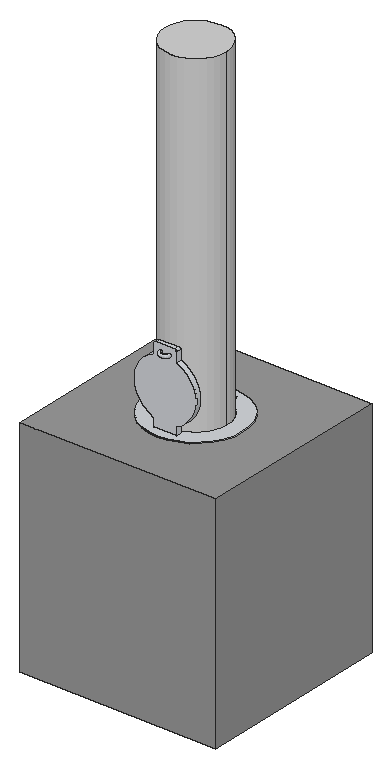
Revit family "Bollard-1_800_Bollards-Padlock_Removable-CS3", category Site, Revit 2017
Family settings
  Round Connector Dimension = Use Diameter
  Part Type = Normal
  OmniClass Number = 23.15.10.11.21
  OmniClass Title = Traffic Safety Barriers and Protections
  Work Plane-Based = No
  Always vertical = Yes
  Cut with Voids When Loaded = No
  Shared = No
Parameters (values of type "6 in")
  URL = "https://1800bollards.com/"
  Type Comments = if([4 in Bollard], "4 in Nominal Diameter", if([5 in Bollard], "5 in Nominal Diameter", if([6 in Bollard], "6 in Nominal Diameter", if([8 in Bollard], "8 in Nominal Diameter", if([10 in Bollard], "10 in Nominal Diameter", if([12 in Bollard], "12 in Nominal Diameter", "3 in Nominal Diameter"))))))  # "6 in Nominal Diameter"
  Thickness = if([4 in Bollard], 0' 4 1/2", if([5 in Bollard], 0' 5 143/256", if([6 in Bollard], 0' 6 159/256", if([8 in Bollard], 0' 8 159/256", if([10 in Bollard], 0' 10 3/4", if([12 in Bollard], 1' 0 3/4", 0' 3 1/2"))))))  # 0' - 6 159/256"
  Stainless Steel = not(Carbon Steel)  # yes
  Sloped Offset [instance] = if(Sloped, 0' 0", Thickness)  # 0' - 6 159/256"
  Sloped [instance] = no
  Reveal Offset [instance] = if(Reveal, 0' 2 179/256", 0' 0")  # 0' - 0"
  Reveal [instance] = no
  Rebar by others = yes
  Product Page URL = "https://1800bollards.com/product-category/removable-bollards/"
  Product Name = "Removable Bollards"  # constant formula
  Product Documentation Link = "https://microsite.caddetails.com/main/company/viewproduct?productID=19706&companyID=5046&isFeatured=False&microsite=1&currentTab=Product"
  Model = "Padlock Removable Bollard"  # constant formula
  Manufacturer = "1-800-BOLLARDS"  # constant formula
  Height Below Grade = if(or([10 in Bollard], [12 in Bollard]), 1' 3", 1' 0")  # 1' - 0"
  Height = 3' - 0"  # constant formula
  Foundation Width = if([12 in Bollard], 2' 6", 1' 9")  # 1' - 9"
  Foundation Depth = if([12 in Bollard], 2' 6", 2' 0")  # 2' - 0"
  Flat [instance] = not(or(or(Dome, Reveal, Sloped)))  # yes
  Finish = Metal-1_800_Bollards-Stainless_Steel
  Dome Offset [instance] = if(Dome, 0' 0", Dome Height + 0' 1")  # 0' - 2.91135"
  Dome Height = Bollard Radius * tan(30.00°)  # 0' - 1.91135"
  Dome [instance] = no
  Description = if(Carbon Steel, "Carbon Steel Padlock Removable Bollard", "Stainless Steel Padlock Removable Bollard")  # "Stainless Steel Padlock Removable Bollard"
  Concrete by others = yes
  Concrete Finish by others = Concrete, Lightweight
  Carbon Steel = no
  Bollard Radius = Thickness / 2  # 0' - 3.31055"
  Assembly Code = "G2020400"
  8 in Bollard = no
  6 in Bollard = yes
  5 in Bollard = no
  4 in Bollard = no
  3 in Bollard = not(or(or(or(or(or(or([4 in Bollard], [5 in Bollard], [6 in Bollard], [8 in Bollard], [10 in Bollard], [12 in Bollard])))))))  # no
  12 in Bollard = no
  10 in Bollard = no
Types (8): name | Type Comments | Thickness | Sloped Offset | Height Below Grade | Foundation Width | Foundation Depth | Dome Offset | Dome Height | Bollard Radius | Assembly Code | 8 in Bollard | 6 in Bollard | 5 in Bollard | 4 in Bollard | 3 in Bollard | 12 in Bollard | 10 in Bollard
  (no name) | "6 in Nominal Diameter" | 0' - 6 159/256" | 0' - 6 159/256" | 1' - 0" | 1' - 9" | 2' - 0" | 0' - 2.91135" | 0' - 1.91135" | 0' - 3.31055" | "G2020400" | no | yes | no | no | no | no | no
  3 in | "3 in Nominal Diameter" | 0' - 3 1/2" | 0' - 3 1/2" | 1' - 0" | 1' - 9" | 2' - 0" | 0' - 2.01036" | 0' - 1.01036" | 0' - 1 3/4" | "G2010400" | no | no | no | no | yes | no | no
  4 in | "4 in Nominal Diameter" | 0' - 4 1/2" | 0' - 4 1/2" | 1' - 0" | 1' - 9" | 2' - 0" | 0' - 2.29904" | 0' - 1.29904" | 0' - 2 1/4" | "G2010400" | no | no | no | yes | no | no | no
  5 in | "5 in Nominal Diameter" | 0' - 5 143/256" | 0' - 5 143/256" | 1' - 0" | 1' - 9" | 2' - 0" | 0' - 2.60463" | 0' - 1.60463" | 0' - 2.7793" | "G2010400" | no | no | yes | no | no | no | no
  6 in | "6 in Nominal Diameter" | 0' - 6 159/256" | 0' - 6 159/256" | 1' - 0" | 1' - 9" | 2' - 0" | 0' - 2.91135" | 0' - 1.91135" | 0' - 3.31055" | "G2020400" | no | yes | no | no | no | no | no
  8 in | "8 in Nominal Diameter" | 0' - 8 159/256" | 0' - 8 159/256" | 1' - 0" | 1' - 9" | 2' - 0" | 0' - 3.4887" | 0' - 2.4887" | 0' - 4.31055" | "G2040900" | yes | no | no | no | no | no | no
  10 in | "10 in Nominal Diameter" | 0' - 10 3/4" | 0' - 10 3/4" | 1' - 3" | 1' - 9" | 2' - 0" | 0' - 4.10326" | 0' - 3.10326" | 0' - 5 3/8" | "G2010400" | no | no | no | no | no | no | yes
  12 in | "12 in Nominal Diameter" | 1' - 0 3/4" | 1' - 0 3/4" | 1' - 3" | 2' - 6" | 2' - 6" | 0' - 4.68061" | 0' - 3.68061" | 0' - 6 3/8" | "G2010400" | no | no | no | no | no | yes | no
Reference planes (in)
  plane 1 "Center (Front/Back)": y = 0
  plane 2: z = 0
  plane 3 "Center (Left/Right)": x = 0
  plane 4 "Top": z = 36
  plane 5 "Bottom": z = -12
  plane 6 "Right": x = 3.31055
  plane 7 "Left": x = -3.31055
  plane 8 "Back": y = 3.31055
  plane 9 "Front": y = -3.31055
Forms (in)
  Extrusion 1, solid, material "Metal-1_800_Bollards-Stainless_Steel" <- "Finish", detail levels medium+fine
    sketch origin (0, 0, 0) x (1, 0, 0) y (0, 1, 0)
      loop
        circle (0, 0) r 3.31055
    from -12 to 36
  Extrusion 2, solid, material "Metal-1_800_Bollards-Stainless_Steel" <- "Finish", detail levels coarse
    sketch origin (0, 0, 0) x (1, 0, 0) y (0, 1, 0)
      loop
        line (-3.31055, 3.31055) -> (-3.31055, -3.31055) -> (3.31055, -3.31055) -> (3.31055, 3.31055) -> (-3.31055, 3.31055)
    from -12 to 36
  Extrusion 3, void
    sketch origin (0, 0, 0) x (0, 1, 0) y (0, 0, 1)
      loop
        line (-3.31055, 42.62109) -> (3.31055, 37.98495) -> (3.31055, 42.62109) -> (-3.31055, 42.62109)
    from -3.31055 to 3.31055
  Revolve 4, void
    sketch origin (0, 0, 0.125) x (1, 0, 0) y (0, 0, 1)
      loop
        line (3.1567, 37.125) -> (3.1567, 35.875) -> (3.31055, 35.875) -> (3.31055, 37.125) -> (3.1567, 37.125)
      axis (0, 35.875) -> (0, 37.125)
    angle from 0 to 360
  Revolve 5, void
    sketch origin (0, 0, 0) x (1, 0, 0) y (0, 0, 1)
      loop
        line (3.31055, 37) -> (3.31055, 38.91135) -> (0, 38.91135)
        arc (0, 38.91135) -> (1.91135, 38.3992) -> (3.31055, 37) r 3.82269
      axis (0, 38.91135) -> (0, 37)
    angle from 0 to 360
  Extrusion 6, solid, material "Concrete, Lightweight" <- "Concrete Finish by others", visible <- "Concrete by others"
    sketch origin (0, 0, 0) x (1, 0, 0) y (0, 1, 0)
      loop
        line (-10.5, 10.5) -> (-10.5, -10.5) -> (10.5, -10.5) -> (10.5, 10.5) -> (-10.5, 10.5)
    from -24 to 0
Cuts and joins
  Extrusion 3, Revolve 4, Revolve 5 cuts Extrusion 1
Dimensions and locks (in)
  "Height": plane 4 "Top" to level
  "Height Below Grade": level to plane 5 "Bottom"
  "Thickness": plane 7 "Left" to plane 6 "Right"
  "Thickness": plane 9 "Front" to plane 8 "Back"
  equal spacing: plane 9 "Front", plane 1 "Center (Front/Back)", plane 8 "Back"
  equal spacing: plane 7 "Left", plane 3 "Center (Left/Right)", plane 6 "Right"
  "Sloped Offset": Extrusion 3 sketch curve to plane 4 "Top"
  plane 6 "Right" to Revolve 4 sketch curve to Revolve 4 sketch curve = 0' - 0" locked, 0' - 0.15385" locked
  "Reveal Offset": plane 4 "Top" to Revolve 4 sketch curve
  locked: Revolve 4 sketch curve to Revolve 4 sketch curve at 1.25
  "Dome Offset": Revolve 5 sketch curve to plane 4 "Top"
  "Dome Height": Revolve 5 sketch curve to Revolve 5 sketch curve
  equal spacing: Extrusion 6 sketch curve, plane 3 "Center (Left/Right)", Extrusion 6 sketch curve
  equal spacing: Extrusion 6 sketch curve, plane 1 "Center (Front/Back)", Extrusion 6 sketch curve
  "Foundation Width": Extrusion 6 sketch curve to Extrusion 6 sketch curve  (x2)
  "Foundation Depth": level to Extrusion 6
  locked: plane 1 "Center (Front/Back)" to Extrusion 1 sketch curve at 0
  locked: plane 3 "Center (Left/Right)" to Extrusion 1 sketch curve at 0
  "Bollard Radius": radius of Extrusion 1 sketch curve
  locked: Extrusion 3 sketch curve to plane 4 "Top" (angle 35.00°)
  aligned and locked: plane 2 to level
  aligned and locked: plane 4 "Top" to Extrusion 1
  aligned and locked: plane 8 "Back" to Extrusion 2 sketch curve
  aligned and locked: plane 7 "Left" to Extrusion 2 sketch curve
  aligned and locked: Extrusion 2 sketch curve to plane 9 "Front"
  aligned and locked: Extrusion 2 sketch curve to plane 6 "Right"
  aligned and locked: plane 4 "Top" to Extrusion 2
  aligned and locked: Revolve 4 sketch curve to plane 3 "Center (Left/Right)"
  aligned and locked: plane 6 "Right" to Revolve 5 sketch curve
  aligned and locked: plane 3 "Center (Left/Right)" to Revolve 5 sketch curve
  aligned and locked: plane 5 "Bottom" to Extrusion 1
  aligned and locked: nested 2 to plane 3 "Center (Left/Right)"
  aligned and locked: nested 2 to level
  aligned and locked: nested 1 to plane 1 "Center (Front/Back)"
  aligned and locked: nested 1 to level
  aligned and locked: plane 6 "Right" to Extrusion 3
  aligned and locked: Extrusion 3 to plane 7 "Left"
  aligned and locked: Extrusion 3 sketch curve to plane 8 "Back"
  aligned and locked: plane 9 "Front" to Extrusion 3 sketch curve
  aligned and locked: plane 5 "Bottom" to Extrusion 2
  aligned and locked: level to Extrusion 6
  aligned and locked: nested 3 to plane 1 "Center (Front/Back)"
  aligned and locked: plane 3 "Center (Left/Right)" to nested 3
  aligned and locked: nested 3 to level
Automatic sketch dimensions
  Revolve 4 sketch curve to plane 4 "Top" = 0' - 0.67477"
  Revolve 4 sketch curve to Revolve 4 sketch curve = 0' - 0.45023"
  Revolve 5 sketch curve to plane 3 "Center (Left/Right)" = 0' - 0"
  Revolve 5 sketch curve to Revolve 5 sketch curve = 0' - 0.90788"
  Revolve 5 sketch curve to Revolve 5 sketch curve = 0' - 0 5/8"
Nested families (in)
  nested 1: "Nested-1_800_Bollards-Removable-Mounting_Detail" at (0, 0, 0) x (0, 1, 0) z (1, 0, 0), type "Mounting Detail Side View"
  nested 2: "Nested-1_800_Bollards-Removable-Mounting_Detail" at (0, 0, 0) x (1, 0, 0) z (0, -1, 0), type "Mounting Detail Front View"
  nested 3: "Nested-1-800-Bollards-Cover" at (0, -3.56836, 0) x (0, 1, 0) z (0, 0, 1), type "Cover"
Definition of nested family "Nested-1-800-Bollards-Cover"
  Parameters (values of type "Cover")
    URL = "https://1800bollards.com/"
    Type Comments = "For use with 1-800-Bollards Models Only"  # constant formula
    Padlock = yes
    Model = "Cover"  # constant formula
    Manufacturer = "1-800-Bollards"  # constant formula
    Finish = none
    Description = "Removable Hole Cover"  # constant formula
    Bollard Radius = 0' - 3.31055"
    Bollard Insert = Bollard Radius + 0' 0 33/128"  # 0' - 3.56836"
    Bollard Cap Radius = Bollard Radius + 0' 1 215/256"  # 0' - 5.15039"
  Reference planes (in)
    plane 1 "Center (Front/Back)": y = 0
    plane 2: z = 0
    plane 3 "Center (Left/Right)": x = 0
    plane 4 "Insert": x = 3.56836
  Forms (in)
    Extrusion 1, solid, material <- "Finish", detail levels medium+fine
      sketch origin (6.51405, -0.00005, 0) x (0, 1, 0) y (0, 0, 1)
        loop
          arc (1.21383, 0.94738) -> (3.32048, 4.03127) -> (1.21383, 7.11515) r 3.31055
          line (1.21383, 7.11515) -> (1.21383, 8.08128)
          arc (1.21383, 8.08128) -> (1.14567, 8.24583) -> (0.98112, 8.31399) r 0.23271
          line (0.98112, 8.31399) -> (-0.98101, 8.31399)
          arc (-0.98101, 8.31399) -> (-1.14556, 8.24583) -> (-1.21372, 8.08128) r 0.23271
          line (-1.21372, 8.08128) -> (-1.21372, 7.11515)
          arc (-1.21372, 7.11515) -> (-3.32037, 4.03127) -> (-1.21372, 0.94738) r 3.31055
          line (-1.21372, 0.94738) -> (-1.21372, 0) -> (1.21383, 0) -> (1.21383, 0.94738)
      from -7.02854 to -6.51405
    Revolve 2, solid, material <- "Finish", visible <- "Padlock", detail levels fine
      sketch origin (-0.51449, -0.00207, -0.00238) x (0, 1, 0) y (0, 0, 1)
        loop
          arc (-0.47364, 7.6877) -> (-0.62902, 7.53232) -> (-0.47364, 7.37694) r 0.15538
          line (-0.47364, 7.37694) -> (-0.35666, 7.37694) -> (-0.35666, 7.6877) -> (-0.47364, 7.6877)
        axis (0, 7.6877) -> (0, 7.37694)
      angle from 0 to 180
    Extrusion 3, solid, material <- "Finish", detail levels coarse
      sketch origin (0, 0, 0) x (1, 0, 0) y (0, 1, 0)
        loop
          line (-1.57848, 5.15039) -> (-1.57848, -5.15039) -> (8.66717, -5.15039) -> (8.66717, 5.15039) -> (-1.57848, 5.15039)
        loop
          line (0.25781, 3.31055) -> (0.25781, -3.31055) -> (6.87891, -3.31055) -> (6.87891, 3.31055) -> (0.25781, 3.31055)
      from 0 to 0.09354
    Extrusion 4, solid, material <- "Finish", detail levels medium+fine
      sketch origin (0, 0, 0) x (1, 0, 0) y (0, 1, 0)
        loop
          circle (3.51678, 0) r 5.15039
        loop
          line (7.56679, 1.22365) -> (6.70382, 1.22365)
          arc (6.70382, 1.22365) -> (3.56836, 3.47184) -> (0.4329, 1.22365) r 3.31055
          line (0.4329, 1.22365) -> (-0.51449, 1.22365) -> (-0.51449, -1.2039) -> (0.42628, -1.2039)
          arc (0.42628, -1.2039) -> (3.56836, -3.47184) -> (6.71044, -1.2039) r 3.31055
          line (6.71044, -1.2039) -> (7.56679, -1.2039)
          arc (7.56679, -1.2039) -> (7.73135, -1.13574) -> (7.7995, -0.97119) r 0.23271
          line (7.7995, -0.97119) -> (7.7995, 0.99094)
          arc (7.7995, 0.99094) -> (7.73135, 1.15549) -> (7.56679, 1.22365) r 0.23271
      from 0 to 0.09354
  Dimensions and locks (in)
    Extrusion 1 sketch curve to Extrusion 1 sketch curve to Extrusion 1 sketch curve = 0' - 0" locked, 0' - 1.19884" locked
    Extrusion 1 sketch curve to Extrusion 1 sketch curve to Extrusion 1 sketch curve to level = 0' - 0" locked, 0' - 0.94738" locked, 0' - 0" locked
    Extrusion 1 sketch curve to Extrusion 1 sketch curve to plane 1 "Center (Front/Back)" to Extrusion 1 sketch curve to Extrusion 1 sketch curve = 0' - 0" locked, 0' - 1.21377" locked, 0' - 1.21377" locked, 0' - 0" locked
    Extrusion 1 to Extrusion 1 = 0' - 0.51449"
    plane 1 "Center (Front/Back)" to Revolve 2 sketch curve to Revolve 2 sketch curve = 0' - 0.35873" locked, 0' - 0.27236" locked
    Extrusion 1 to Revolve 2 sketch curve to Revolve 2 sketch curve = 0' - 0.62867" locked, 0' - 0.31076" locked
    Extrusion 4 sketch curve to Extrusion 4 sketch curve to plane 1 "Center (Front/Back)" to Extrusion 4 sketch curve to Extrusion 4 sketch curve = 0' - 0" locked, 0' - 1.2039" locked, 0' - 1.22365" locked, 0' - 0" locked
    Extrusion 4 sketch curve to plane 3 "Center (Left/Right)" to Extrusion 4 sketch curve = 0' - 0.51449" locked, 0' - 0.4329" locked
    "Bollard Cap Radius": plane 1 "Center (Front/Back)" to Extrusion 3 sketch curve  (x2)
    locked: Extrusion 3 sketch curve to Extrusion 4
    locked: Extrusion 3 sketch curve to plane 3 "Center (Left/Right)" at 1.57848
    Extrusion 4 sketch curve to Extrusion 4 sketch curve to Extrusion 4 sketch curve = 0' - 0.00662" locked, 0' - 1.08906" locked
    "Bollard Insert": plane 3 "Center (Left/Right)" to plane 4 "Insert"
    "Bollard Radius": Extrusion 3 sketch curve to plane 4 "Insert"
    "Bollard Radius": plane 4 "Insert" to Extrusion 3 sketch curve
    "Bollard Radius": plane 1 "Center (Front/Back)" to Extrusion 3 sketch curve
    "Bollard Radius": Extrusion 3 sketch curve to plane 1 "Center (Front/Back)"
    Extrusion 3 to Extrusion 4 to level = 0' - 0" locked, 0' - 0.09354" locked
    locked: Extrusion 1 to plane 3 "Center (Left/Right)" at 0.51449
    "Bollard Radius": radius of Extrusion 1 sketch curve  (x2)
    "Bollard Radius": radius of Extrusion 4 sketch curve
    "Bollard Cap Radius": radius of Extrusion 4 sketch curve
    aligned and locked: plane 2 to level
    aligned and locked: Extrusion 3 to level
    aligned and locked: Extrusion 4 to level
    aligned and locked: plane 3 "Center (Left/Right)" to Extrusion 1
  Automatic sketch dimensions
    Revolve 2 sketch curve to Extrusion 1 = 0' - 0.38736"
    Revolve 2 sketch curve to Revolve 2 sketch curve = 0' - 0.35666"
    Revolve 2 sketch curve to Revolve 2 sketch curve = 0' - 2.83349"
    Extrusion 1 sketch curve to Extrusion 1 sketch curve = 0' - 0.23271"  (x2)
    plane 1 "Center (Front/Back)" to Extrusion 1 sketch curve = 0' - 0.00987"
    plane 1 "Center (Front/Back)" to Extrusion 4 sketch curve = 0' - 0"
    Extrusion 4 sketch curve to plane 4 "Insert" = 0' - 0"  (x2)
    Extrusion 4 sketch curve to plane 4 "Insert" = 0' - 0.05158"
    Extrusion 4 sketch curve to Extrusion 4 sketch curve = 0' - 0.23271"  (x2)
    plane 1 "Center (Front/Back)" to Extrusion 4 sketch curve = 0' - 0.16129"
Definition of nested family "Nested-1_800_Bollards-Removable-Mounting_Detail"
  Parameters (values of type "Mounting Detail Front View")
    Width = 1' - 9"
    Warranty = ""
    URL = "https://1800bollards.com/"
    Type Comments = "for use with 1-800-Bollards Models only"  # constant formula
    Side View = no
    Side Rebar by others = and(Side View, Rebar by others)  # no
    Rebar by others = yes
    Product Page URL = ""
    Product Name = ""
    Product Documentation Link = ""
    Model = "Bollard Mounting Detail"  # constant formula
    Manufacturer = "1-800-BOLLARDS"  # constant formula
    Lid Height = Bollard Width + 0' 1 233/256"  # 0' - 10 17/32"
    Lid Depth = Bollard Width + 0' 8 9/128"  # 1' - 4 177/256"
    Front View = not(Side View)  # yes
    Front Rebar by others = and(Front View, Rebar by others)  # yes
    Description = "Padlock Bollard"  # constant formula
    Depth = 2' - 0"
    Concrete by others = yes
    Bollard Width = 0' - 8 159/256"
    Bollard Radius = Bollard Width / 2  # 0' - 4.31055"
    Bollard Depth = 1' - 0"
  Types (2): name | Side View | Side Rebar by others | Front View | Front Rebar by others
    Mounting Detail Front View | no | no | yes | yes
    Mounting Detail Side View | yes | yes | no | no
  Reference planes (in)
    plane 1 "Top": y = 0
    plane 2: z = 0
    plane 3 "Center (Left/Right)": x = 0
    plane 4 "Bottom": y = -24
    plane 5 "Left": x = -10.5
    plane 6 "Right": x = 10.5
  Lines and regions (in)
    Filled region 1, type "Concrete", in view "Ref. Level", visible <- "Concrete by others", detail levels medium+fine
      outline origin (0, 0, 0) x (1, 0, 0) y (0, 1, 0)
        loop
          line (-10.5, 0) -> (-10.5, -24) -> (10.5, -24) -> (10.5, 0) -> (-10.5, 0)
    Masking region 1, in view "Ref. Level", visible <- "Concrete by others", detail levels coarse
      outline origin (0, 0, 0) x (1, 0, 0) y (0, 1, 0)
        loop
          line (-10.5, 0) -> (-10.5, -24) -> (10.5, -24) -> (10.5, 0) -> (-10.5, 0)
    Masking region 2, in view "Ref. Level", visible <- "Front Rebar by others", detail levels fine
      outline origin (0, 0, 0) x (1, 0, 0) y (0, 1, 0)
        loop
          line (-7.5, -21.98574) -> (-7.5, -2) -> (-8, -2) -> (-8, -21.98574) -> (-7.5, -21.98574)
        loop
          line (7.5, -2) -> (7.5, -21.98574) -> (8, -21.98574) -> (8, -2) -> (7.5, -2)
    Masking region 3, in view "Ref. Level", visible <- "Front Rebar by others", detail levels fine
      outline origin (-10.5, -10.5, 0) x (-1, 0, 0) y (0, -1, 0)
        loop
          line (-19.5, -7.5) -> (-19.5, -8) -> (-1.5, -8) -> (-1.5, -7.5) -> (-19.5, -7.5)
        loop
          line (-1.5, 10.5) -> (-1.5, 11) -> (-19.5, 11) -> (-19.5, 10.5) -> (-1.5, 10.5)
    Masking region 4, in view "Ref. Level", visible <- "Front View", detail levels fine
      outline origin (41.63405, -6.88802, 0) x (1, 0, 0) y (0, 1, 0)
        loop
          line (-42.84777, 17.07956) -> (-42.84777, 16.11343)
          arc (-42.84777, 16.11343) -> (-45.95442, 11.97442) -> (-42.84777, 7.8354) r 4.31055
          line (-42.84777, 7.8354) -> (-42.84777, 6.88802) -> (-40.42022, 6.88802) -> (-40.42022, 7.8354)
          arc (-40.42022, 7.8354) -> (-37.31357, 11.97442) -> (-40.42022, 16.11343) r 4.31055
          line (-40.42022, 16.11343) -> (-40.42022, 17.07956)
          arc (-40.42022, 17.07956) -> (-40.48838, 17.24411) -> (-40.65293, 17.31227) r 0.23271
          line (-40.65293, 17.31227) -> (-42.61506, 17.31227)
          arc (-42.61506, 17.31227) -> (-42.77961, 17.24411) -> (-42.84777, 17.07956) r 0.23271
    Masking region 5, in view "Ref. Level", visible <- "Front View", detail levels fine
      outline origin (42.50143, -5.42558, 0) x (1, 0, 0) y (0, 1, 0)
        loop
          line (-50.84713, 5.10016) -> (-44.07028, 5.10016) -> (-44.07028, 4.15277) -> (-40.93258, 4.15277) -> (-40.93258, 5.10016) -> (-34.15573, 5.10016) -> (-34.15573, 5.42558) -> (-50.84713, 5.42558) -> (-50.84713, 5.10016)
    Masking region 6, in view "Ref. Level", visible <- "Side View", detail levels fine
      outline origin (18.69205, -3.74323, 0) x (1, 0, 0) y (0, 1, 0)
        loop
          line (-27.03775, 3.21883) -> (-25.35993, 3.21883) -> (-25.35993, 1.69217) -> (-23.88748, 1.69217) -> (-23.88748, 3.21883) -> (-10.34635, 3.21883) -> (-10.34635, 3.74323) -> (-27.03775, 3.74323) -> (-27.03775, 3.21883)
    Masking region 7, in view "Ref. Level", visible <- "Side Rebar by others", detail levels fine
      outline origin (0, 0, 0) x (1, 0, 0) y (0, 1, 0)
        loop
          line (-7.5, -5) -> (-7.5, -19)
          arc (-7.5, -19) -> (-6.91421, -20.41421) -> (-5.5, -21) r 2
          line (-5.5, -21) -> (5.5, -21)
          arc (5.5, -21) -> (6.91421, -20.41421) -> (7.5, -19) r 2
          line (7.5, -19) -> (7.5, -5)
          arc (7.5, -5) -> (6.91421, -3.58579) -> (5.5, -3) r 2
          line (5.5, -3) -> (-5.5, -3)
          arc (-5.5, -3) -> (-6.91421, -3.58579) -> (-7.5, -5) r 2
        loop
          line (-8, -5) -> (-8, -19)
          arc (-8, -19) -> (-7.26777, -20.76777) -> (-5.5, -21.5) r 2.5
          line (-5.5, -21.5) -> (5.5, -21.5)
          arc (5.5, -21.5) -> (7.26777, -20.76777) -> (8, -19) r 2.5
          line (8, -19) -> (8, -5)
          arc (8, -5) -> (7.26777, -3.23223) -> (5.5, -2.5) r 2.5
          line (5.5, -2.5) -> (-5.5, -2.5)
          arc (-5.5, -2.5) -> (-7.26777, -3.23223) -> (-8, -5) r 2.5
    Masking region 8, in view "Ref. Level", detail levels medium+fine
      outline origin (0.00005, 0, 0) x (1, 0, 0) y (0, 1, 0)
        loop
          line (-4.59185, 0) -> (-4.59185, -12) -> (4.59174, -12) -> (4.59174, 0) -> (-4.59185, 0)
    Masking region 9, in view "Ref. Level", visible <- "Front View", detail levels fine
      outline origin (41.63405, -6.88802, 0) x (1, 0, 0) y (0, 1, 0)
        loop
          line (-42.10769, 15.7488) -> (-42.10769, 14.49087) -> (-41.1603, 14.49087) -> (-41.1603, 15.7488) -> (-41.47128, 15.7488) -> (-41.47128, 16.28147) -> (-41.1603, 16.28147)
          arc (-41.1603, 16.28147) -> (-41.00492, 16.43685) -> (-41.1603, 16.59223) r 0.15538
          line (-41.1603, 16.59223) -> (-41.47128, 16.59223) -> (-41.47128, 16.84412)
          arc (-41.47128, 16.84412) -> (-41.634, 17.00683) -> (-41.79671, 16.84412) r 0.16271
          line (-41.79671, 16.84412) -> (-41.79671, 16.59223) -> (-42.10769, 16.59223)
          arc (-42.10769, 16.59223) -> (-42.26307, 16.43685) -> (-42.10769, 16.28147) r 0.15538
          line (-42.10769, 16.28147) -> (-41.79671, 16.28147) -> (-41.79671, 15.7488) -> (-42.10769, 15.7488)
    Masking region 10, in view "Ref. Level", visible <- "Side View", detail levels fine
      outline origin (-44.2741, 10.32985, 0) x (1, 0, 0) y (0, 1, 0)
        loop
          line (37.57777, -10.32985) -> (38.07637, -10.32985) -> (39.96356, 0.2014) -> (39.50007, 0.2014) -> (39.33838, -0.56447) -> (38.48323, -0.56447) -> (38.48323, -0.9158) -> (39.26476, -0.9158) -> (37.57777, -10.32985)
    detail lines, in view "Ref. Level", detail levels medium+fine
      curve 1: line (-4.31055, 0, 0) -> (-4.31055, -12, 0)
      curve 2: line (-4.31055, -12, 0) -> (4.31055, -12, 0)
      curve 3: line (4.31055, -12, 0) -> (4.31055, 0, 0)
  Dimensions and locks (in)
    "Depth": plane 4 "Bottom" to plane 1 "Top"
    "Width": plane 5 "Left" to plane 6 "Right"
    equal spacing: plane 5 "Left", plane 3 "Center (Left/Right)", plane 6 "Right"
    equal spacing: curve 1, plane 3 "Center (Left/Right)", curve 3
    "Bollard Width": curve 1 to curve 3
    "Bollard Depth": curve 2 to plane 1 "Top"
    plane 1 "Top" to Masking region 3 sketch curve to Masking region 3 sketch curve = 0' - 2 1/2" locked, 0' - 0 1/2" locked
    Masking region 3 sketch curve to Masking region 3 sketch curve to plane 4 "Bottom" = 0' - 0 1/2" locked, 0' - 2 1/2" locked
    plane 5 "Left" to Masking region 3 sketch curve to Masking region 3 sketch curve = 0' - 1 1/2" locked, 0' - 0" locked
    Masking region 3 sketch curve to Masking region 3 sketch curve to plane 6 "Right" = 0' - 0" locked, 0' - 1 1/2" locked
    plane 5 "Left" to Masking region 2 sketch curve to Masking region 2 sketch curve = 0' - 2 1/2" locked, 0' - 0 1/2" locked
    Masking region 2 sketch curve to Masking region 2 sketch curve to plane 6 "Right" = 0' - 0 1/2" locked, 0' - 2 1/2" locked
    Masking region 2 sketch curve to Masking region 2 sketch curve to plane 4 "Bottom" = 0' - 0" locked, 0' - 2.01426" locked
    Masking region 2 sketch curve to Masking region 2 sketch curve to plane 1 "Top" = 0' - 0" locked, 0' - 2" locked
    Masking region 6 sketch curve to Masking region 6 sketch curve to Masking region 6 sketch curve = 0' - 1.67782", 0' - 1.47245" locked
    Masking region 6 sketch curve to Masking region 6 sketch curve to Masking region 6 sketch curve to plane 1 "Top" to Masking region 6 sketch curve = 0' - 1.52666" locked, 0' - 0" locked, 0' - 0.5244" locked, 0' - 0" locked
    Masking region 4 sketch curve to Masking region 4 sketch curve to plane 3 "Center (Left/Right)" to Masking region 4 sketch curve to Masking region 4 sketch curve = 0' - 0" locked, 0' - 1.21372" locked, 0' - 1.21383" locked, 0' - 0" locked
    Masking region 4 sketch curve to plane 1 "Top" to Masking region 4 sketch curve to Masking region 4 sketch curve = 0' - 0" locked, 0' - 0.94738" locked, 0' - 0" locked
    Masking region 4 sketch curve to Masking region 4 sketch curve to Masking region 4 sketch curve = 0' - 1.19884" locked, 0' - 0" locked
    "Lid Depth": Masking region 5 sketch curve to Masking region 5 sketch curve
    Masking region 5 sketch curve to plane 3 "Center (Left/Right)" to Masking region 5 sketch curve = 0' - 1.56885" locked, 0' - 1.56885" locked
    Masking region 5 sketch curve to Masking region 5 sketch curve to plane 1 "Top" to Masking region 5 sketch curve = 0' - 0.94738" locked, 0' - 0.32542" locked, 0' - 0" locked
    "Lid Depth": Masking region 6 sketch curve to Masking region 6 sketch curve
    equal spacing: Masking region 6 sketch curve, plane 3 "Center (Left/Right)", Masking region 6 sketch curve
    equal spacing: Masking region 5 sketch curve, plane 3 "Center (Left/Right)", Masking region 5 sketch curve
    plane 5 "Left" to Masking region 7 sketch curve to Masking region 7 sketch curve = 0' - 2 1/2" locked, 0' - 0 1/2" locked
    Masking region 7 sketch curve to Masking region 7 sketch curve to plane 6 "Right" = 0' - 0 1/2" locked, 0' - 2 1/2" locked
    Masking region 7 sketch curve to Masking region 7 sketch curve to plane 4 "Bottom" = 0' - 0 1/2" locked, 0' - 2 1/2" locked
    Masking region 7 sketch curve to Masking region 7 sketch curve to plane 1 "Top" = 0' - 0 1/2" locked, 0' - 2 1/2" locked
    "Bollard Depth": plane 1 "Top" to Masking region 8 sketch curve
    locked: Masking region 8 sketch curve to curve 1 at 0.28125
    locked: curve 3 to Masking region 8 sketch curve at 0.28125
    Masking region 10 sketch curve to Masking region 10 sketch curve to Masking region 10 sketch curve = 0' - 0.4986" locked, 0' - 0.40686" locked
    Masking region 9 sketch curve to Masking region 9 sketch curve to Masking region 9 sketch curve to Masking region 9 sketch curve to Masking region 9 sketch curve to Masking region 9 sketch curve to Masking region 9 sketch curve to Masking region 9 sketch curve to Masking region 4 = 0' - 1.25793" locked, 0' - 0" locked, 0' - 0.53267" locked, 0' - 0" locked, 0' - 0.31076" locked, 0' - 0" locked, 0' - 0.4146" locked, 0' - 0.30544" locked
    Masking region 9 sketch curve to Masking region 9 sketch curve to Masking region 9 sketch curve to Masking region 9 sketch curve to plane 3 "Center (Left/Right)" to Masking region 9 sketch curve to Masking region 9 sketch curve to Masking region 9 sketch curve to Masking region 9 sketch curve = 0' - 0.15538" locked, 0' - 0.31098" locked, 0' - 0" locked, 0' - 0.16266" locked, 0' - 0.16277" locked, 0' - 0" locked, 0' - 0.31098" locked, 0' - 0.15538" locked
    Masking region 10 sketch curve to Masking region 10 sketch curve to Masking region 10 sketch curve = 0' - 0.35133" locked, 0' - 0.76587" locked
    Masking region 10 sketch curve to Masking region 10 sketch curve to Masking region 10 sketch curve = 0' - 1.01684" locked, 0' - 0.46348" locked
    "Lid Height": plane 1 "Top" to Masking region 10 sketch curve
    "Bollard Radius": Masking region 10 sketch curve to plane 3 "Center (Left/Right)"
    locked: Masking region 10 sketch curve to Masking region 10 sketch curve at 0.49078
    "Bollard Radius": radius of Masking region 4 sketch curve  (x2)
    aligned and locked: plane 1 "Top" to Filled region 1 sketch curve
    aligned and locked: plane 1 "Top" to Masking region 1 sketch curve
    aligned and locked: plane 4 "Bottom" to Masking region 1 sketch curve
    aligned and locked: plane 6 "Right" to Masking region 1 sketch curve
    aligned and locked: plane 5 "Left" to Masking region 1 sketch curve
    aligned and locked: plane 5 "Left" to Filled region 1 sketch curve
    aligned and locked: plane 6 "Right" to Filled region 1 sketch curve
    aligned and locked: plane 4 "Bottom" to Filled region 1 sketch curve
    aligned and locked: plane 1 "Top" to Masking region 8 sketch curve
    aligned and locked: Masking region 10 sketch curve to plane 1 "Top"
  Automatic sketch dimensions
    Masking region 7 sketch curve to Masking region 7 sketch curve = 0' - 0"  (x4)
    Masking region 7 sketch curve to Masking region 7 sketch curve = 0' - 2"  (x3)
    plane 6 "Right" to Masking region 7 sketch curve = 0' - 5"
    plane 1 "Top" to curve 3 = 0' - 0"
    plane 1 "Top" to curve 1 = 0' - 0"
    Masking region 4 sketch curve to Masking region 4 sketch curve = 0' - 0.23271"  (x2)
    Masking region 4 sketch curve to plane 3 "Center (Left/Right)" = 0' - 0.00982"
    plane 1 "Top" to Masking region 5 sketch curve = 0' - 0.32542"
    Masking region 6 sketch curve to Masking region 6 sketch curve = 0' - 0"
    Masking region 10 sketch curve to Masking region 10 sketch curve = 0' - 0.07362"
